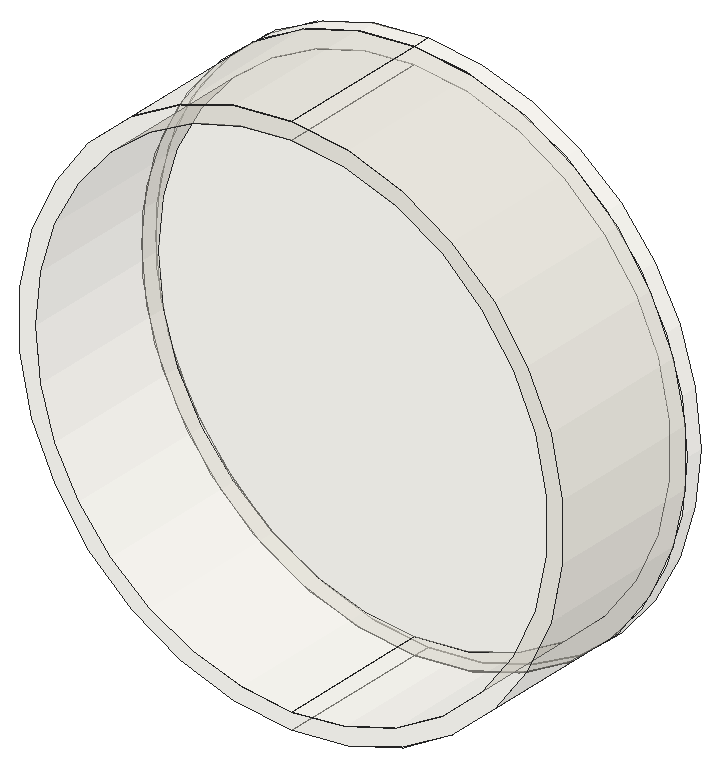
Revit family "PKNail Wall Light", category Lighting Fixtures, host Wall, Revit 2017
Family settings
  Host = Wall
  Round Connector Dimension = Use Diameter
  Part Type = Normal
  OmniClass Number = 23.80.70.11.11
  OmniClass Title = General Luminaries, Non Directional
  Always vertical = Yes
  Cut with Voids When Loaded = No
  Light Source = Yes
  Shared = No
  Room Calculation Point = No
Parameters (values of type "Wall Light")
  Wattage = 60 W
  built-in parameter 1150110 = 1 (stored number, unit not read)
  built-in parameter 1114217 = 1 (stored number, unit not read)
  built-in parameter 1150109 = 1 (stored number, unit not read)
  built-in parameter 1150134 = 4
  built-in parameter 1150113 = 1 (stored number, unit not read)
  PKNail Family Measure Location Centered = yes
  PKNail Family Instance Elevation [instance] = 1778.369 mm
  built-in parameter 1150115 = 1 (stored number, unit not read)
  built-in parameter 1150105 = 272.15 (stored number, unit not read)
  Load Classification = Lighting - Dwelling Unit
  Light Source Symbol Size = 101.60 mm
  built-in parameter 1150137 = 1
  built-in parameter 1150139 = (empty or 0)
  built-in parameter 1150112 = 1 (stored number, unit not read)
  built-in parameter 1150114 = 1 (stored number, unit not read)
  built-in parameter 1150132 = (empty or 0)
  built-in parameter 1150102 = (empty or 0)
  built-in parameter 1150138 = (empty or 0)
  built-in parameter 1150107 = 2800 (stored number, unit not read)
  built-in parameter 1150106 = 2.7215 (stored number, unit not read)
  built-in parameter 1150104 = 1.3239 (stored number, unit not read)
  Dimming Lamp Color Temperature Shift = <None>
  Color Filter = 16777215
  built-in parameter 1140040 [instance] = 1
  Ballast Voltage = 277 V
  Ballast Number of Poles = 1
  built-in parameter 1114218 = 1 (stored number, unit not read)
  built-in parameter 1150133 = 10 (stored number, unit not read)
  Assembly Code = "D5020220"
  Lamp = "A-19"
  Shade Material = Glass - Frosted
  Lumens = 855 lm
  Radius = 203.00 mm
  Wattage Comments = ""
  Apparent Load = 60 VA
Reference planes
  plane 1: y = 0
  plane 2 "Light Source Axis": x = 0
  plane 3 "Light Source Elevation": z = 1930.4
  plane 4 "Light Source Axis": y = 139.7
  plane 5: x = -203
  plane 6: x = 203
  plane 7: y = 76.2
  plane 8: z = 1727.4
  plane 9: z = 0
  plane 10: z = 152.031
Forms (mm)
  Extrusion 1, solid, material "Glass - Frosted" <- "Shade Material"
    sketch origin (-1524, 76.2, 0) x (-1, 0, 0) y (0, 0, 1)
      loop
        circle (-1524, 1930.4) r 203
      loop
        circle (-1524, 1930.4) r 190.518
    from 0 to 114.3
  Extrusion 2, solid, material "Glass - Frosted" <- "Shade Material"
    sketch origin (-1524, 190.5, 0) x (-1, 0, 0) y (0, 0, 1)
      loop
        circle (-1524, 1930.4) r 203
    from 0 to 12.7
Lines and regions (mm)
  Masking region 1
    outline origin (0, 0, 0) x (1, 0, 0) y (0, 1, 0)
      loop
        line (-203, 203.2) -> (-203, 76.2) -> (203, 76.2) -> (203, 203.2) -> (-203, 203.2)
  symbolic lines
    curve 1: line (-203, 203.2, 0) -> (203, 203.2, 0)
    curve 2: line (-203, 76.2, 0) -> (-203, 203.2, 0)
    curve 3: line (203, 76.2, 0) -> (-203, 76.2, 0)
    curve 4: line (203, 203.2, 0) -> (203, 76.2, 0)
  model lines, style "InvisibleLines"
    curve 5: line (-0.2, 76.2, 1727.4) -> (-0.2, 76.2, 152.031)
Text (mm)
  text "Front" at (0, 1019.848, 3124.603), in view "Right"
  text "Front" at (-1327.638, 1045.436, 0), in view "Floor Line"
  text "Front" at (0, 928.088, 2345.249), in view "Left"
Dimensions and locks
  host wall to plane 4 "Light Source Axis" = 63.50 mm
  "Radius": Extrusion 1 sketch curve to Extrusion 1 sketch curve
  "Radius": Extrusion 2 sketch curve to Extrusion 2 sketch curve
  "Radius": plane 2 "Light Source Axis" to plane 6
  equal spacing: plane 5, plane 2 "Light Source Axis", plane 6
  locked: host wall to plane 4 "Light Source Axis" at 63.5
  "Radius": plane 8 to plane 3 "Light Source Elevation"
  "PKNail Family Instance Elevation": plane 10 to plane 3 "Light Source Elevation"
  aligned and locked: plane 7 to host wall
  aligned and locked: plane 5 to curve 2
  aligned and locked: Masking region 1 sketch curve to curve 1
  aligned and locked: Masking region 1 sketch curve to curve 2
  aligned and locked: Masking region 1 sketch curve to curve 4
  aligned and locked: Masking region 1 sketch curve to curve 3
  aligned and locked: plane 2 "Light Source Axis" to imposter light
  aligned and locked: imposter light to plane 3 "Light Source Elevation"
  aligned and locked: plane 4 "Light Source Axis" to imposter light
  aligned and locked: level to plane 9
  aligned and locked: plane 8 to curve 5
  aligned and locked: plane 10 to curve 5
Automatic sketch dimensions
  curve 3 to host wall = 0.00 mm
  curve 3 to plane 6 = 0.00 mm
  curve 2 to plane 4 "Light Source Axis" = 63.50 mm
  Extrusion 1 sketch curve to Extrusion 1 sketch curve = 0.00 mm  (x12)
  Extrusion 1 sketch curve to plane 2 "Light Source Axis" = 0.00 mm
  Extrusion 1 sketch curve to plane 3 "Light Source Elevation" = 0.00 mm
  Extrusion 1 sketch curve to Extrusion 1 sketch curve = 12.482 mm
  Extrusion 2 sketch curve to Extrusion 2 sketch curve = 0.00 mm  (x2)
  curve 5 to plane 6 = 203.20 mm
